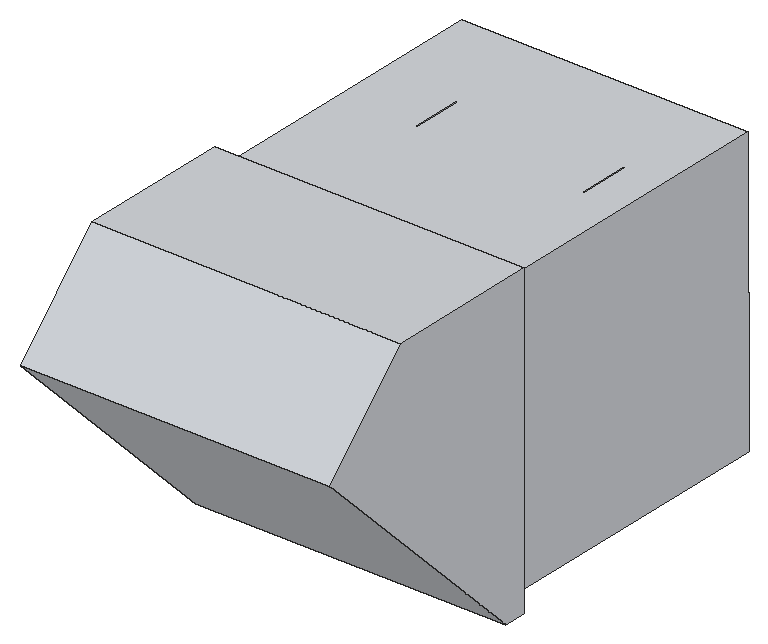
Revit family "EPB_SUPPLY", category Mechanical Equipment, Revit 2019
Family settings
  Round Connector Dimension = Use Diameter
  Part Type = Normal
  Work Plane-Based = No
  Always vertical = Yes
  Cut with Voids When Loaded = No
  Shared = No
  Room Calculation Point = No
Parameters (values of type "24_EPB_SUPPLY")
  WO_PAC = B_PAC + 0' 0 1/4"  # 3' - 1 1/4"
  WH_C = WH_B + 0' 3"  # 3' - 7"
  WH_B/2 = WH_B / 2  # 1' - 8"
  WH_B = 3' - 4"
  WH_A = 2' - 7 7/16"
  WEATHER_HOOD [instance] = yes
  Unit Weight [instance] = ""
  Sones [instance] = ""
  SIZE/2 = SIZE / 2  # 1' - 2 15/16"
  SIZE = D - 0' 0 1/8"  # 2' - 5 7/8"
  Motor RPM [instance] = ""
  Motor Enclosure [instance] = ""
  ModelID [instance] = ""
  MOTOR = D / 10  # 0' - 3"
  LwA [instance] = ""
  Fan RPM [instance] = ""
  D_PAC/2 = D_PAC / 2 - 0' 4"  # 1' - 3"
  D_PAC = 3' - 2"
  D/2 = D / 2  # 1' - 3"
  D = 2' - 6"
  E/2 = E / 2  # 0' - 1 1/2"
  E = 0' - 3"  # constant formula
  C_PAC/2 = C_PAC / 2  # 1' - 4 3/4"
  C_PAC = 2' - 9 1/2"
  C/2 = C / 2  # 0' - 3 5/16"
  C = 0' - 6 5/8"
  B_PAC/2 = B_PAC / 2  # 1' - 6 1/2"
  B_PAC = 3' - 1"
  B/4 = B / 4  # 0' - 5"
  B/2 = B / 2  # 0' - 10"
  B = 1' - 8"
  Accessories [instance] = ""
  A_PAC/2 = A_PAC / 2  # 1' - 7 3/4"
  A_PAC = 3' - 3 1/2"
  A/7 = A / 7  # 0' - 5.16964"
  A/3.5 = A / 3.5  # 0' - 10.33929"
  A/2 = A / 2  # 1' - 6 3/32"
  A = 3' - 0 3/16"
  90 = 90.00°  # constant formula
  9" = 0' - 9"  # constant formula
  4'6" = 4' - 6"  # constant formula
  3" = 0' - 3"  # constant formula
  Brake Hp [instance] = ""
  4" = 0' - 4"  # constant formula
  2' = 2' - 0"
  2" = 0' - 2"  # constant formula
  135 = 135.00°  # constant formula
  1" = 0' - 1"  # constant formula
  0 = 0' - 0"  # constant formula
  Voltage [instance] = 0 V
  URL = "www.lorencook.com"
  Type Comments = "Packaged Supply Wall Fan Extruded Aluminum Propeller Belt Drive"  # constant formula
  Static Pressure [instance] = 0.00 in-wg
  Power [instance] = Voltage * Motor FLA * sqrt(if(Phase = 3, 3, 1))  # 0 VA
  Phase [instance] = 0
  Number of Poles [instance] = 1
  Motor Hp [instance] = "0"
  Motor FLA [instance] = 0 A
  Model = "EPB_SUPPLY"  # constant formula
  Manufacturer = "Loren Cook Company"
  CFM [instance] = 0 CFM
  1.5 = 0' - 1 1/2"  # constant formula
  HALF = 0' - 0 1/2"  # constant formula
  ONE EIGTH = 0' - 0 1/8"  # constant formula
  -WH_B/2 = -WH_B / 2  # -1' - 8"
  -D_PAC/2 = -D_PAC / 2 - 0' 4"  # -1' - 11"
  -D = -E  # -0' - 3"
  -C/2 = -C / 2  # -0' - 3 5/16"
  -B+1" = -B + 0' 2"  # -1' - 6"
  -B = -B  # -1' - 8"
  -((SIZE/2)-.25") = -((SIZE / 2) - 0' 0 1/4")  # -1' - 2 11/16"
  -((A/2)-C-.5") = -((A / 2) - C - 0' 0 1/2")  # -0' - 10 31/32"
  (SIZE/2)-.25" = (SIZE / 2) - 0' 0 1/4"  # 1' - 2 11/16"
  (D_SUP/2)-(C/2)-.125" = (D / 2) - (C / 2) - 0' 0 1/8"  # 0' - 11 9/16"
  (A/2)-C-.5" = (A / 2) - C - 0' 0 1/2"  # 0' - 10 31/32"
  (A/2)-1" = (A / 2) - 0' 0 1/4"  # 1' - 5 27/32"
Types (9): name | WO_PAC | WH_C | WH_B/2 | WH_B | WH_A | SIZE/2 | SIZE | MOTOR | D_PAC/2 | D_PAC | D/2 | D | C_PAC/2 | C_PAC | C/2 | C | B_PAC/2 | B_PAC | B/4 | B/2 | B | A_PAC/2 | A_PAC | A/7 | A/3.5 | A/2 | A | -WH_B/2 | -D_PAC/2 | -C/2 | -B+1" | -B | -((SIZE/2)-.25") | -((A/2)-C-.5") | (SIZE/2)-.25" | (D_SUP/2)-(C/2)-.125" | (A/2)-C-.5" | (A/2)-1"
  (no name) | 3' - 1 1/4" | 3' - 7" | 1' - 8" | 3' - 4" | 2' - 7 7/16" | 1' - 2 15/16" | 2' - 5 7/8" | 0' - 3" | 1' - 3" | 3' - 2" | 1' - 3" | 2' - 6" | 1' - 4 3/4" | 2' - 9 1/2" | 0' - 3 5/16" | 0' - 6 5/8" | 1' - 6 1/2" | 3' - 1" | 0' - 5" | 0' - 10" | 1' - 8" | 1' - 7 3/4" | 3' - 3 1/2" | 0' - 5.16964" | 0' - 10.33929" | 1' - 6 3/32" | 3' - 0 3/16" | -1' - 8" | -1' - 11" | -0' - 3 5/16" | -1' - 6" | -1' - 8" | -1' - 2 11/16" | -0' - 10 31/32" | 1' - 2 11/16" | 0' - 11 9/16" | 0' - 10 31/32" | 1' - 5 27/32"
  24_EPB_SUPPLY | 3' - 1 1/4" | 3' - 7" | 1' - 8" | 3' - 4" | 2' - 7 7/16" | 1' - 2 15/16" | 2' - 5 7/8" | 0' - 3" | 1' - 3" | 3' - 2" | 1' - 3" | 2' - 6" | 1' - 4 3/4" | 2' - 9 1/2" | 0' - 3 5/16" | 0' - 6 5/8" | 1' - 6 1/2" | 3' - 1" | 0' - 5" | 0' - 10" | 1' - 8" | 1' - 7 3/4" | 3' - 3 1/2" | 0' - 5.16964" | 0' - 10.33929" | 1' - 6 3/32" | 3' - 0 3/16" | -1' - 8" | -1' - 11" | -0' - 3 5/16" | -1' - 6" | -1' - 8" | -1' - 2 11/16" | -0' - 10 31/32" | 1' - 2 11/16" | 0' - 11 9/16" | 0' - 10 31/32" | 1' - 5 27/32"
  30_EPB_SUPPLY | 3' - 7 1/4" | 4' - 1" | 1' - 11" | 3' - 10" | 2' - 11 11/16" | 1' - 5 15/16" | 2' - 11 7/8" | 0' - 3.6" | 1' - 3 3/4" | 3' - 3 1/2" | 1' - 6" | 3' - 0" | 1' - 7 3/4" | 3' - 3 1/2" | 0' - 3 3/8" | 0' - 6 3/4" | 1' - 9 1/2" | 3' - 7" | 0' - 5 1/4" | 0' - 10 1/2" | 1' - 9" | 1' - 10 3/4" | 3' - 9 1/2" | 0' - 6.02679" | 1' - 0.05357" | 1' - 9 3/32" | 3' - 6 3/16" | -1' - 11" | -1' - 11 3/4" | -0' - 3 3/8" | -1' - 7" | -1' - 9" | -1' - 5 11/16" | -1' - 1 27/32" | 1' - 5 11/16" | 1' - 2 1/2" | 1' - 1 27/32" | 1' - 8 27/32"
  36_EPB_SUPPLY | 4' - 1 5/16" | 4' - 7" | 2' - 2" | 4' - 4" | 3' - 3 15/16" | 1' - 8 15/16" | 3' - 5 7/8" | 0' - 4.2" | 1' - 4 1/2" | 3' - 5" | 1' - 9" | 3' - 6" | 1' - 10 3/4" | 3' - 9 1/2" | 0' - 3 5/8" | 0' - 7 1/4" | 2' - 0 17/32" | 4' - 1 1/16" | 0' - 5 1/4" | 0' - 10 1/2" | 1' - 9" | 2' - 1 3/4" | 4' - 3 1/2" | 0' - 6.88393" | 1' - 1.76786" | 2' - 0 3/32" | 4' - 0 3/16" | -2' - 2" | -2' - 0 1/2" | -0' - 3 5/8" | -1' - 7" | -1' - 9" | -1' - 8 11/16" | -1' - 4 11/32" | 1' - 8 11/16" | 1' - 5 1/4" | 1' - 4 11/32" | 1' - 11 27/32"
  42_EPB_SUPPLY | 4' - 7 5/16" | 5' - 1" | 2' - 5" | 4' - 10" | 3' - 8 3/16" | 1' - 11 15/16" | 3' - 11 7/8" | 0' - 4.8" | 1' - 9 1/2" | 4' - 3" | 2' - 0" | 4' - 0" | 2' - 1 3/4" | 4' - 3 1/2" | 0' - 4 1/32" | 0' - 8 1/16" | 2' - 3 17/32" | 4' - 7 1/16" | 0' - 5 1/4" | 0' - 10 1/2" | 1' - 9" | 2' - 4 3/4" | 4' - 9 1/2" | 0' - 7.74107" | 1' - 3.48214" | 2' - 3 3/32" | 4' - 6 3/16" | -2' - 5" | -2' - 5 1/2" | -0' - 4 1/32" | -1' - 7" | -1' - 9" | -1' - 11 11/16" | -1' - 6 17/32" | 1' - 11 11/16" | 1' - 7 27/32" | 1' - 6 17/32" | 2' - 2 27/32"
  48_EPB_SUPPLY | 5' - 1 3/8" | 5' - 7" | 2' - 8" | 5' - 4" | 4' - 0 7/16" | 2' - 2 15/16" | 4' - 5 7/8" | 0' - 5.4" | 1' - 8" | 4' - 0" | 2' - 3" | 4' - 6" | 2' - 4 3/4" | 4' - 9 1/2" | 0' - 4 1/32" | 0' - 8 1/16" | 2' - 6 9/16" | 5' - 1 1/8" | 0' - 6" | 1' - 0" | 2' - 0" | 2' - 7 3/4" | 5' - 3 1/2" | 0' - 8.59821" | 1' - 5.19643" | 2' - 6 3/32" | 5' - 0 3/16" | -2' - 8" | -2' - 4" | -0' - 4 1/32" | -1' - 10" | -2' - 0" | -2' - 2 11/16" | -1' - 9 17/32" | 2' - 2 11/16" | 1' - 10 27/32" | 1' - 9 17/32" | 2' - 5 27/32"
  54_EPB_SUPPLY | 5' - 7 3/8" | 6' - 1" | 2' - 11" | 5' - 10" | 4' - 4 5/8" | 2' - 5 15/16" | 4' - 11 7/8" | 0' - 6" | 1' - 8" | 4' - 0" | 2' - 6" | 5' - 0" | 2' - 7 3/4" | 5' - 3 1/2" | 0' - 4 1/32" | 0' - 8 1/16" | 2' - 9 9/16" | 5' - 7 1/8" | 0' - 6 3/4" | 1' - 1 1/2" | 2' - 3" | 2' - 10 3/4" | 5' - 9 1/2" | 0' - 9.45536" | 1' - 6.91071" | 2' - 9 3/32" | 5' - 6 3/16" | -2' - 11" | -2' - 4" | -0' - 4 1/32" | -2' - 1" | -2' - 3" | -2' - 5 11/16" | -2' - 0 17/32" | 2' - 5 11/16" | 2' - 1 27/32" | 2' - 0 17/32" | 2' - 8 27/32"
  60_EPB_SUPPLY | 6' - 1 3/8" | 6' - 7" | 3' - 2" | 6' - 4" | 4' - 8 13/16" | 2' - 8 15/16" | 5' - 5 7/8" | 0' - 6.6" | 1' - 8" | 4' - 0" | 2' - 9" | 5' - 6" | 2' - 10 3/4" | 5' - 9 1/2" | 0' - 4 1/32" | 0' - 8 1/16" | 3' - 0 9/16" | 6' - 1 1/8" | 0' - 6 3/4" | 1' - 1 1/2" | 2' - 3" | 3' - 1 3/4" | 6' - 3 1/2" | 0' - 10 5/16" | 1' - 8 5/8" | 3' - 0 3/32" | 6' - 0 3/16" | -3' - 2" | -2' - 4" | -0' - 4 1/32" | -2' - 1" | -2' - 3" | -2' - 8 11/16" | -2' - 3 17/32" | 2' - 8 11/16" | 2' - 4 27/32" | 2' - 3 17/32" | 2' - 11 27/32"
  72_EPB_SUPPLY | 7' - 1 3/8" | 7' - 7" | 3' - 8" | 7' - 4" | 5' - 5 7/16" | 3' - 3 1/16" | 6' - 6 1/8" | 0' - 7.825" | 1' - 9 1/2" | 4' - 3" | 3' - 3 1/8" | 6' - 6 1/4" | 3' - 4 3/4" | 6' - 9 1/2" | 0' - 4 5/8" | 0' - 9 1/4" | 3' - 6 9/16" | 7' - 1 1/8" | 0' - 6 3/4" | 1' - 1 1/2" | 2' - 3" | 3' - 7 3/4" | 7' - 3 1/2" | 1' - 0.02679" | 2' - 0.05357" | 3' - 6 3/32" | 7' - 0 3/16" | -3' - 8" | -2' - 5 1/2" | -0' - 4 5/8" | -2' - 1" | -2' - 3" | -3' - 2 13/16" | -2' - 8 11/32" | 3' - 2 13/16" | 2' - 10 3/8" | 2' - 8 11/32" | 3' - 5 27/32"
Reference planes (in)
  plane 1 "Center (Front/Back)": y = 0
  plane 2: z = 0
  plane 3 "Center (Left/Right)": x = 0.40541
Forms (in)
  Revolve 1, solid
    sketch origin (0.40541, 0, 0) x (0, 1, 0) y (0, 0, 1)
      loop
        line (-4.3125, 3.3125) -> (-4.3125, 0) -> (-3.3125, 0) -> (-3.3125, 3.3125) -> (-4.3125, 3.3125)
      axis (-4.3125, 0) -> (-3.3125, 0)
    angle from 0 to 360
  Extrusion 2, solid
    sketch origin (0.40541, 0, 0) x (0, 1, 0) y (0, 0, 1)
      loop
        line (0, -3.3125) -> (-6.625, 3.3125) -> (-6.71339, 3.22411) -> (-0.08839, -3.40089) -> (0, -3.3125)
    from 48 to 3.3125 <- "C/2"
  Extrusion 3, solid
    sketch origin (0.40541, 0, 0) x (0, 1, 0) y (-1, 0, 0)
      loop
        line (0, -3.3125) -> (-6.625, 3.3125) -> (-6.71339, 3.22411) -> (-0.08839, -3.40089) -> (0, -3.3125)
    from 48 to 3.3125 <- "C/2"
  Extrusion 4, solid
    sketch origin (0.40541, 0, 0) x (0, 1, 0) y (0, 0, -1)
      loop
        line (0, -3.3125) -> (-6.625, 3.3125) -> (-6.71339, 3.22411) -> (-0.08839, -3.40089) -> (0, -3.3125)
    from 48 to 3.3125 <- "C/2"
  Extrusion 5, solid
    sketch origin (0.40541, 0, 0) x (1, 0, 0) y (0, 1, 0)
      loop
        line (-3.3125, 0) -> (-3.40089, -0.08839) -> (3.22411, -6.71339) -> (3.3125, -6.625) -> (-3.3125, 0)
    from -48 to -3.3125 <- "-C/2"
  Extrusion 6, void
    sketch origin (0, 0, 0) x (1, 0, 0) y (0, 0, 1)
      loop
        circle (0.40541, 0) r 11.5625
      loop
        circle (0.40541, 0) r 54
    from 0 to 10
  Extrusion 7, solid
    sketch origin (0, 0, 0) x (1, 0, 0) y (0, 0, 1)
      loop
        line (-17.68834, 18.09375) -> (-17.68834, -18.09375) -> (18.49916, -18.09375) -> (18.49916, 18.09375) -> (-17.68834, 18.09375)
      loop
        circle (0.40541, 0) r 15
    from 0 to -0.125
  Extrusion 8, solid
    sketch origin (0, 0, 0) x (1, 0, 0) y (0, 0, 1)
      loop
        line (-17.68834, 18.09375) -> (-17.68834, -18.09375) -> (18.49916, -18.09375) -> (18.49916, 18.09375) -> (-17.68834, 18.09375)
      loop
        line (18.37416, -17.96875) -> (18.37416, 17.96875) -> (-17.56334, 17.96875) -> (-17.56334, -17.96875) -> (18.37416, -17.96875)
    from 0 to -3 <- "-D"
  Extrusion 9, solid
    sketch origin (0, 0, 0) x (1, 0, 0) y (0, 0, 1)
      loop
        circle (0.40541, 0) r 1
    from 2 to -20 <- "-B"
  Extrusion 10, solid
    sketch origin (0, 0, 0) x (1, 0, 0) y (0, 0, 1)
      loop
        line (-9.93387, -2) -> (-9.93387, -11) -> (-9.80887, -11) -> (-9.80887, -3.5) -> (10.6197, -3.5) -> (10.6197, -11) -> (10.7447, -11) -> (10.7447, -2) -> (-9.93387, -2)
    from 0 to -18 <- "-B+1""
  Sweep 11, solid
    path origin (0.40541, 0, 0) x (0, 1, 0) y (0, 0, 1)
      loop
        line (0.125, 16.96875) -> (12, 16.96875)
        arc (12, 16.96875) -> (15.53553, 15.50428) -> (17, 11.96875) r 5
        line (17, 11.96875) -> (17, -11.96875)
        arc (17, -11.96875) -> (15.53553, -15.50428) -> (12, -16.96875) r 5
        line (12, -16.96875) -> (0.125, -16.96875)
    profile origin (0.40541, 6.0625, 16.96875) x (0, 0, 1) y (1, 0, 0)
      loop
        circle (0, -10.83929) r 0.5
      loop
        circle (0, 10.83929) r 0.5
  Revolve 12, solid
    sketch origin (0.40541, 0, 0) x (0, 1, 0) y (0, 0, 1)
      loop
        arc (-0.125, 15) -> (-3.4375, 11.6875) -> (-6.75, 15) r 3.3125
        line (-6.75, 15) -> (-6.875, 15)
        arc (-6.875, 15) -> (-3.4375, 11.5625) -> (0, 15) r 3.4375
        line (0, 15) -> (-0.125, 15)
      axis (-6.875, 0) -> (0, 0)
    angle from 0 to 360
  Extrusion 13, solid
    sketch origin (0, 18, 0) x (-1, 0, 0) y (0, 0, 1)
      loop
        circle (-0.40541, -6.5) r 3
    from 0 to -18 <- "-B+1""
  Extrusion 14, solid
    sketch origin (0, 20, 0) x (-1, 0, 0) y (0, 0, 1)
      loop
        circle (-0.40541, -6.5) r 1
    from 0 to -2
  Extrusion 15, solid
    sketch origin (0, 18, 0) x (-1, 0, 0) y (0, 0, 1)
      loop
        line (-3.40541, -0.5) -> (-3.40541, -2) -> (2.59459, -2) -> (2.59459, -0.5) -> (1.53108, -0.5)
        arc (1.53108, -0.5) -> (-0.40541, 2) -> (-2.3419, -0.5) r 2
        line (-2.3419, -0.5) -> (-3.40541, -0.5)
    from -2.5 to -1
  Extrusion 16, solid
    sketch origin (0, 0, 0) x (1, 0, 0) y (0, 0, 1)
      loop
        arc (2.3419, -0.5) -> (0.40541, 2) -> (-1.53108, -0.5) r 2
        line (-1.53108, -0.5) -> (-2.59459, -0.5) -> (-2.59459, -2) -> (3.40541, -2) -> (3.40541, -0.5) -> (2.3419, -0.5)
    from -2.5 to -1
  Extrusion 17, solid
    sketch origin (0, 0, 0) x (1, 0, 0) y (0, 0, 1)
      loop
        line (-17.96959, 18.375) -> (-17.96959, -18.375) -> (18.78041, -18.375) -> (18.78041, 18.375) -> (-17.96959, 18.375)
      loop
        line (18.90541, -18.5) -> (18.90541, 18.5) -> (-18.09459, 18.5) -> (-18.09459, -18.5) -> (18.90541, -18.5)
    from -23 <- "-D_PAC/2" to 15 <- "D_PAC/2"
  Extrusion 18, solid
    sketch origin (0, -15, 0) x (1, 0, 0) y (0, 0, 1)
      loop
        line (-16.34459, 16.75) -> (-16.34459, -16.75) -> (17.15541, -16.75) -> (17.15541, 16.75) -> (-16.34459, 16.75)
      loop
        line (20.15541, -19.75) -> (20.15541, 19.75) -> (-19.34459, 19.75) -> (-19.34459, -19.75) -> (20.15541, -19.75)
    from 0 to 0.125
  Extrusion 19, solid
    sketch origin (0, -15.125, 0) x (1, 0, 0) y (0, 0, 1)
      loop
        line (-14.34459, 14.75) -> (-14.34459, -14.75) -> (15.15541, -14.75) -> (15.15541, 14.75) -> (-14.34459, 14.75)
      loop
        line (17.15541, -16.75) -> (17.15541, 16.75) -> (-16.34459, 16.75) -> (-16.34459, -16.75) -> (17.15541, -16.75)
    from 0 to 2
  Extrusion 20, solid, visible <- "WEATHER_HOOD"
    sketch origin (0.40541, 0, 0) x (0, 1, 0) y (0, 0, 1)
      loop
        line (-15.125, 20) -> (-35, 20) -> (-46.5625, 8.4375) -> (-18.125, -20) -> (-15.125, -20) -> (-15.125, 20)
    from 20 <- "WH_B/2" to -20 <- "-WH_B/2"
Cuts and joins
  Extrusion 6 cuts Revolve 1
  Extrusion 6 cuts Extrusion 2
  Extrusion 6 cuts Extrusion 3
  Extrusion 6 cuts Extrusion 4
  Extrusion 6 cuts Extrusion 5
Dimensions and locks (in)
  "0": Revolve 1 sketch curve to level  (x2)
  "C/2": Revolve 1 sketch curve to level
  "C/2": plane 1 "Center (Front/Back)" to Revolve 1 sketch curve
  "1"": Revolve 1 sketch curve to Revolve 1 sketch curve
  "0": Extrusion 2 sketch curve to plane 1 "Center (Front/Back)"
  "C": plane 1 "Center (Front/Back)" to Extrusion 2 sketch curve
  "C/2": Extrusion 2 sketch curve to level
  "C/2": level to Extrusion 2 sketch curve
  "ONE EIGTH": Extrusion 2 sketch curve to Extrusion 2 sketch curve
  "ONE EIGTH": Extrusion 3 sketch curve to Extrusion 3 sketch curve
  "ONE EIGTH": Extrusion 4 sketch curve to Extrusion 4 sketch curve
  "ONE EIGTH": Extrusion 5 sketch curve to Extrusion 5 sketch curve
  Extrusion 6 sketch curve to plane 3 "Center (Left/Right)" = 0' - 0"  (x2)
  level to Extrusion 6 sketch curve = 0' - 0"
  Extrusion 6 sketch curve to level = 0' - 0"
  "0": Extrusion 3 sketch curve to plane 1 "Center (Front/Back)"
  "C": Extrusion 3 sketch curve to plane 1 "Center (Front/Back)"
  "C/2": plane 3 "Center (Left/Right)" to Extrusion 3 sketch curve
  "C/2": Extrusion 3 sketch curve to plane 3 "Center (Left/Right)"
  "C": plane 1 "Center (Front/Back)" to Extrusion 4 sketch curve
  "0": Extrusion 4 sketch curve to plane 1 "Center (Front/Back)"
  "C/2": level to Extrusion 4 sketch curve
  "C/2": Extrusion 4 sketch curve to level
  "0": Extrusion 5 sketch curve to plane 1 "Center (Front/Back)"
  "C": Extrusion 5 sketch curve to plane 1 "Center (Front/Back)"
  "C/2": plane 3 "Center (Left/Right)" to Extrusion 5 sketch curve
  "C/2": Extrusion 5 sketch curve to plane 3 "Center (Left/Right)"
  "A/2": plane 3 "Center (Left/Right)" to Extrusion 7 sketch curve
  "A/2": Extrusion 7 sketch curve to plane 3 "Center (Left/Right)"
  "A/2": Extrusion 7 sketch curve to level
  "A/2": level to Extrusion 7 sketch curve
  "0": Extrusion 7 sketch curve to level
  "0": Extrusion 7 sketch curve to plane 3 "Center (Left/Right)"
  "ONE EIGTH": Extrusion 8 sketch curve to Extrusion 8 sketch curve  (x4)
  "A/2": plane 3 "Center (Left/Right)" to Extrusion 8 sketch curve  (x2)
  "A/2": level to Extrusion 8 sketch curve
  "A/2": Extrusion 8 sketch curve to level
  "0": Extrusion 9 sketch curve to level
  "0": Extrusion 9 sketch curve to plane 3 "Center (Left/Right)"
  "2"": level to Extrusion 10 sketch curve
  "9"": Extrusion 10 sketch curve to Extrusion 10 sketch curve  (x2)
  "A/3.5": Extrusion 10 sketch curve to plane 3 "Center (Left/Right)"
  "A/3.5": plane 3 "Center (Left/Right)" to Extrusion 10 sketch curve
  "ONE EIGTH": Sweep 11 sketch curve to plane 1 "Center (Front/Back)"  (x2)
  "1"": Extrusion 8 to Sweep 11 sketch curve  (x2)
  "0": Sweep 11 sketch curve to profile plane  (x2)
  "HALF": Sweep 11 sketch curve to Extrusion 10  (x2)
  "0": Revolve 12 sketch curve to level
  "D/2": Revolve 12 sketch curve to level  (x2)
  "C": Revolve 12 sketch curve to Revolve 12 sketch curve
  "ONE EIGTH": plane 1 "Center (Front/Back)" to Revolve 12 sketch curve
  "ONE EIGTH": Revolve 12 sketch curve to Revolve 12 sketch curve  (x2)
  "0": Revolve 12 sketch curve to Revolve 12 sketch curve
  "ONE EIGTH": Extrusion 10 sketch curve to Extrusion 10 sketch curve  (x2)
  "1.5": Extrusion 10 sketch curve to Extrusion 10 sketch curve
  "1"": Extrusion 10 to Sweep 11 sketch curve
  "0": Extrusion 13 sketch curve to plane 3 "Center (Left/Right)"
  "MOTOR": Extrusion 13 sketch curve to Extrusion 10
  "0": Extrusion 14 sketch curve to plane 3 "Center (Left/Right)"
  "MOTOR": Extrusion 14 sketch curve to Extrusion 10
  "0": Extrusion 10 to Extrusion 15 sketch curve
  "1.5": Extrusion 15 sketch curve to Extrusion 15 sketch curve
  "3"": plane 3 "Center (Left/Right)" to Extrusion 15 sketch curve  (x2)
  "0": Extrusion 15 sketch curve to plane 3 "Center (Left/Right)"
  "0": level to Extrusion 15 sketch curve
  "0": Extrusion 16 sketch curve to plane 3 "Center (Left/Right)"
  "0": Extrusion 16 sketch curve to level
  "0": Extrusion 10 to Extrusion 16 sketch curve
  "1.5": Extrusion 10 to Extrusion 16 sketch curve
  "3"": plane 3 "Center (Left/Right)" to Extrusion 16 sketch curve  (x2)
  "ONE EIGTH": Extrusion 17 sketch curve to Extrusion 17 sketch curve  (x4)
  "B_PAC/2": Extrusion 17 sketch curve to level
  "B_PAC/2": level to Extrusion 17 sketch curve
  "B_PAC/2": plane 3 "Center (Left/Right)" to Extrusion 17 sketch curve  (x2)
  "C_PAC/2": plane 3 "Center (Left/Right)" to Extrusion 18 sketch curve  (x2)
  "A_PAC/2": Extrusion 18 sketch curve to plane 3 "Center (Left/Right)"
  "A_PAC/2": plane 3 "Center (Left/Right)" to Extrusion 18 sketch curve
  "A_PAC/2": Extrusion 18 sketch curve to level
  "A_PAC/2": level to Extrusion 18 sketch curve
  "C_PAC/2": level to Extrusion 18 sketch curve
  "C_PAC/2": Extrusion 18 sketch curve to level
  "2"": Extrusion 19 sketch curve to Extrusion 19 sketch curve  (x4)
  "C_PAC/2": Extrusion 19 sketch curve to level
  "C_PAC/2": level to Extrusion 19 sketch curve
  "C_PAC/2": plane 3 "Center (Left/Right)" to Extrusion 19 sketch curve  (x2)
  "0": Extrusion 18 to Extrusion 20 sketch curve
  "WH_B/2": Extrusion 20 sketch curve to level
  "WH_B/2": level to Extrusion 20 sketch curve
  "WH_A": Extrusion 20 sketch curve to Extrusion 20 sketch curve
  "3"": Extrusion 20 sketch curve to Extrusion 20 sketch curve
  "(D_SUP/2)-(C/2)-.125"": radius of Extrusion 6 sketch curve
  "D/2": radius of Extrusion 7 sketch curve
  "1"": radius of Extrusion 9 sketch curve
  "B/4": radius of Sweep 11 sketch curve  (x2)
  "HALF": radius of Sweep 11 sketch curve  (x2)
  "MOTOR": radius of Extrusion 13 sketch curve
  "1"": radius of Extrusion 14 sketch curve
  "2"": radius of Extrusion 15 sketch curve
  "2"": radius of Extrusion 16 sketch curve
  "4'6"": radius of Extrusion 6 sketch curve
  "135": angle Extrusion 20 sketch curve to Extrusion 20 sketch curve
  "90": angle Extrusion 20 sketch curve to Extrusion 20 sketch curve
Automatic sketch dimensions
  Revolve 1 sketch curve to plane 1 "Center (Front/Back)" = 0' - 0"
  Revolve 1 sketch curve to Revolve 1 sketch curve = 2' - 2"
  plane 1 "Center (Front/Back)" to Revolve 12 sketch curve = 0' - 3 1/4"
  Revolve 12 sketch curve to Revolve 12 sketch curve = 0' - 1.44822"
  Extrusion 15 sketch curve to Extrusion 15 sketch curve = 0' - 1.06351"
  Extrusion 16 sketch curve to Extrusion 16 sketch curve = 0' - 1.06351"
  Extrusion 16 sketch curve to Extrusion 16 sketch curve = 0' - 0"  (x2)
Connectors (in)
  electrical at (0.40541, 0, -6.5)
    settings: on Extrusion 13, index 2, voltage 0 V, apparent load 0 VA, apparent load phase1 0 VA, apparent load phase2 0 VA, apparent load phase3 0 VA, power factor 1, load classification "Other", number of poles 1, system type 30, power factor state 1, is connector primary yes, connector utility no, sub classification motor no, connector description ""
  hvac at (0.40541, -17.125, 0), driven by "CFM", driven by "WO_PAC", driven by "WO_PAC"
    settings: on Extrusion 19, index 3, duct flow 0 CFM, flow factor 0, pres drop 0.00 in-wg, loss coef 0, conn angle 0.00°, conn width 37 1/4", conn height 37 1/4", conn diameter 24", duct sys type 1, conn prof type 1, flow config 0, flow direction 1, loss method 0, conn ref index -1, conn util no, is conn primary yes, conn desc ""
  hvac at (0.40541, 23, 0), driven by "CFM", driven by "WO_PAC", driven by "WO_PAC"
    settings: on Extrusion 17, index 4, duct flow 0 CFM, flow factor 0, pres drop 0.00 in-wg, loss coef 0, conn angle 0.00°, conn width 37 1/4", conn height 37 1/4", conn diameter 24", duct sys type 1, conn prof type 1, flow config 0, flow direction 2, loss method 0, conn ref index -1, conn util no, is conn primary no, conn desc ""
